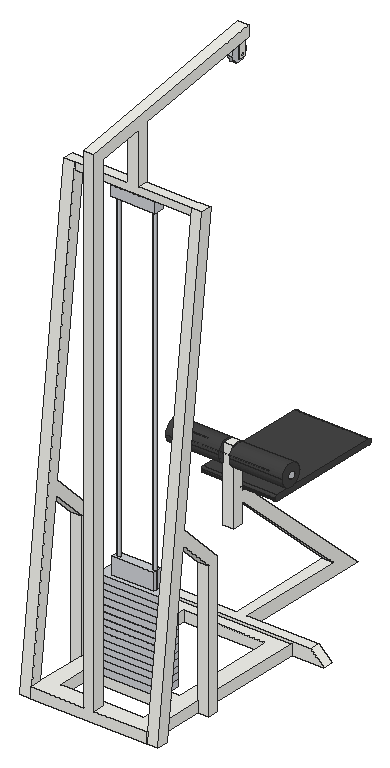
Revit family "Gym_Machine_Pull", category Specialty Equipment, Revit 2021
Family settings
  Round Connector Dimension = Use Diameter
  Part Type = Normal
  Work Plane-Based = No
  Always vertical = Yes
  Cut with Voids When Loaded = No
  Shared = No
  Room Calculation Point = No
Parameters
  vinyl = Plastic - Black
  Top width = 306.61 mm
  Metal Material = Metal - painted
  Metal - painted = Metal - painted
  Height = 3300 mm
  Frame thickness = 50 mm
  Default Elevation = 0 mm
  Black = none
  Assembly Code = "E1090"
Reference planes
  plane 1: z = 0
  plane 2: x = 619.767
  plane 3: x = 640.082
  plane 4: x = -579.918
Forms (mm)
  Extrusion 1, solid, material "Metal - painted" <- "Metal - painted"
    sketch origin (665.082, 24.398, 0) x (0, -1, 0) y (0, 0, 1)
      loop
        line (-585.377, 50) -> (-585.377, 0) -> (264.623, 0) -> (264.623, 50) -> (-585.377, 50)
    from -15 to 65
  Extrusion 2, solid, material "Metal - painted" <- "Metal - painted"
    sketch origin (680.082, 24.398, 0) x (0, 1, 0) y (0, 0, 1)
      loop
        line (-4.623, 2150) -> (-264.623, 0) -> (-214.258, 0) -> (-118.483, 791.987) -> (35.377, 638.127) -> (35.377, 0) -> (85.377, 0) -> (85.377, 658.837) -> (-110.855, 855.069) -> (45.742, 2150) -> (-4.623, 2150)
    from 0 to 50
  Extrusion 3, solid, material "Metal - painted" <- "Metal - painted"
    sketch origin (680.082, 24.398, 0) x (0, -1, 0) y (0, 0, 1)
      loop
        line (-41.509, 2150) -> (-41.509, 2115) -> (4.623, 2115) -> (4.623, 2150) -> (-41.509, 2150)
    from 0 to 550
  Extrusion 4, solid, material "Metal - painted" <- "Metal - painted"
    sketch origin (680.082, -210.42, -2115) x (0, -1, 0) y (0, 0, 1)
      loop
        line (-50.195, 2165) -> (-50.195, 2115) -> (29.805, 2115) -> (29.805, 2165) -> (-50.195, 2165)
    from 0 to 550
  Extrusion 5, solid, material "Metal - painted" <- "Metal - painted"
    sketch origin (680.082, 9.58, -2115) x (0, -1, 0) y (0, 0, 1)
      loop
        line (-40.195, 2165) -> (-40.195, 2115) -> (9.805, 2115) -> (9.805, 2165) -> (-40.195, 2165)
    from 0 to 550
  Extrusion 6, solid, material "Metal - painted" <- "Metal - painted"
    sketch origin (680.082, 569.58, -2115) x (0, -1, 0) y (0, 0, 1)
      loop
        line (-40.195, 2165) -> (-40.195, 2115) -> (9.805, 2115) -> (9.805, 2165) -> (-40.195, 2165)
    from 0 to 550
  Extrusion 7, solid, material "Metal - painted" <- "Metal - painted"
    sketch origin (145.082, 24.398, 0) x (0, -1, 0) y (0, 0, -1)
      loop
        line (-585.377, -50) -> (264.623, -50) -> (264.623, 0) -> (-585.377, 0) -> (-585.377, -50)
    from -15 to 65
  Extrusion 8, solid, material "Metal - painted" <- "Metal - painted"
    sketch origin (130.082, 24.398, 0) x (0, 1, 0) y (0, 0, -1)
      loop
        line (-4.623, -2150) -> (45.742, -2150) -> (-110.855, -855.069) -> (85.377, -658.837) -> (85.377, 0) -> (35.377, 0) -> (35.377, -638.127) -> (-118.483, -791.987) -> (-214.258, 0) -> (-264.623, 0) -> (-4.623, -2150)
    from 0 to 50
  Extrusion 9, solid, material "Metal - painted" <- "Metal - painted"
    sketch origin (680.082, 24.398, 0) x (0, -1, 0) y (0, 0, 1)
      loop
        line (264.623, 0) -> (264.623, 2400) -> (-643.597, 2551.37) -> (-643.597, 2500.68) -> (-45.742, 2401.038) -> (-45.742, 2150) -> (4.623, 2150) -> (4.623, 2392.644) -> (214.623, 2357.644) -> (214.623, 0) -> (264.623, 0)
    from 250 to 300
  Extrusion 10, solid, material "Metal - painted" <- "Metal - painted"
    sketch origin (680.082, 609.775, 0) x (0, 0, 1) y (1, 0, 0)
      loop
        line (0, 150) -> (0, -600) -> (0, -700) -> (60, -640) -> (60, 90) -> (0, 150)
    from 0 to 50
  Extrusion 11, solid, material "Metal - painted" <- "Metal - painted"
    sketch origin (130.082, 24.398, 0) x (0, -1, 0) y (0, 0, -1)
      loop
        line (-635.377, 0) -> (-1285.377, 0) -> (-689.544, -550) -> (-1085.377, -550) -> (-1135.377, -600) -> (-561.662, -600) -> (-1146.662, -60) -> (-635.377, -60) -> (-635.377, 0)
    from 250 to 300
  Extrusion 12, solid, material "Plastic - Black" <- "vinyl"
    sketch origin (430.082, -17.787, -136.776) x (0, -1, 0) y (0, 0, -1)
      loop
        line (-668.847, -736.776) -> (-1208.847, -736.776)
        arc (-1208.847, -736.776) -> (-1215.918, -739.705) -> (-1218.847, -746.776) r 10
        line (-1218.847, -746.776) -> (-1218.847, -752.314)
        arc (-1218.847, -752.314) -> (-1216.107, -759.19) -> (-1209.39, -762.299) r 10
        arc (-1209.39, -762.299) -> (-938.847, -769.647) -> (-668.304, -762.299) r 4984.492
        arc (-668.304, -762.299) -> (-661.587, -759.19) -> (-658.847, -752.314) r 10
        line (-658.847, -752.314) -> (-658.847, -746.776)
        arc (-658.847, -746.776) -> (-661.776, -739.705) -> (-668.847, -736.776) r 10
    from -200 to 150
  Extrusion 13, solid, material "Metal - painted" <- "Metal - painted"
    sketch origin (380.082, 24.398, 0) x (0, 1, 0) y (0, 0, -1)
      loop
        line (606.662, -810) -> (606.662, -460) -> (556.662, -460) -> (556.662, -810) -> (606.662, -810)
    from -50 to 0
  Extrusion 14, solid, material "Plastic - Black" <- "vinyl"
    sketch origin (380.082, 24.398, -45) x (0, 1, 0) y (0, 0, -1)
      loop
        circle (581.662, -810) r 50
      loop
        circle (581.662, -810) r 15
    from 0 to 250
  Extrusion 15, solid, material "Plastic - Black" <- "vinyl"
    sketch origin (430.082, 24.398, -45) x (0, 1, 0) y (0, 0, 1)
      loop
        circle (581.662, 810) r 50
      loop
        circle (581.662, 810) r 15
    from 0 to 250
  Extrusion 16, solid
    sketch origin (130.082, 24.398, -45) x (0, 1, 0) y (0, 0, -1)
      loop
        circle (581.662, -810) r 15
    from 4 to -554
  Extrusion 17, solid, material "Metal - painted" <- "Metal - painted"
    sketch origin (380.082, 24.398, 0) x (0, 1, 0) y (0, 0, -1)
      loop
        line (622.403, -2497.148) -> (622.403, -2427.148) -> (592.403, -2427.148) -> (592.403, -2492.148) -> (622.403, -2497.148)
    from -5 to 0
  Extrusion 18, solid, material <- "Black"
    sketch origin (385.082, 24.398, 0) x (0, -1, 0) y (0, 0, -1)
      loop
        circle (-607.403, -2444.648) r 40
      loop
        circle (-607.403, -2444.648) r 5
    from 10 to 30
  Extrusion 19, solid
    sketch origin (415.082, 24.398, 0) x (0, -1, 0) y (0, 0, -1)
      loop
        circle (-607.403, -2444.648) r 5
    from -36 to 16
  Extrusion 20, solid, material "Metal - painted" <- "Metal - painted"
    sketch origin (430.082, 24.398, 0) x (0, 1, 0) y (0, 0, 1)
      loop
        line (622.403, 2497.148) -> (592.403, 2492.148) -> (592.403, 2427.148) -> (622.403, 2427.148) -> (622.403, 2497.148)
    from -5 to 0
  Extrusion 21, solid
    sketch origin (680.082, 19.775, 2115) x (1, 0, 0) y (0, -1, 0)
      loop
        circle (-190, -23.066) r 8
      loop
        circle (-360, -23.066) r 8
    from 0 to 2065
  Extrusion 22, solid, material <- "Black"
    sketch origin (680.082, 19.775, 2115) x (1, 0, 0) y (0, -1, 0)
      loop
        line (-380, 0) -> (-380, -46.132) -> (-170, -46.132) -> (-170, 0) -> (-380, 0)
    from 0 to 50
  Extrusion 23, solid, material <- "Black"
    sketch origin (385.082, -496.496, -382.148) x (0, -1, 0) y (0, 0, -1)
      loop
        circle (-607.403, -2444.648) r 40
      loop
        circle (-607.403, -2444.648) r 5
    from 10 to 30
  Extrusion 24, solid
    sketch origin (415.082, -496.496, -382.148) x (0, -1, 0) y (0, 0, -1)
      loop
        circle (-607.403, -2444.648) r 5
    from -21 to 1
  Extrusion 25, solid, material <- "Black"
    sketch origin (680.082, 644.008, 50) x (0, -1, 0) y (1, 0, 0)
      loop
        line (548.101, -125) -> (548.101, -425) -> (648.101, -425) -> (648.101, -125) -> (548.101, -125)
    from 0 to 30
  Extrusion 26, solid, material <- "Black"
    sketch origin (980.082, 644.008, 80) x (0, -1, 0) y (1, 0, 0)
      loop
        line (548.101, -425) -> (548.101, -725) -> (648.101, -725) -> (648.101, -425) -> (548.101, -425)
    from 0 to 30
  Extrusion 27, solid, material <- "Black"
    sketch origin (1474.939, 1354.903, 110) x (0, -1, 0) y (1, 0, 0)
      loop
        line (1258.996, -1219.857) -> (1358.996, -1219.857) -> (1358.996, -919.857) -> (1258.996, -919.857) -> (1258.996, -1219.857)
    from 0 to 30
  Extrusion 28, solid, material <- "Black"
    sketch origin (1699.939, 1364.903, 140) x (0, -1, 0) y (1, 0, 0)
      loop
        line (1268.996, -1444.857) -> (1368.996, -1444.857) -> (1368.996, -1144.857) -> (1268.996, -1144.857) -> (1268.996, -1444.857)
    from 0 to 30
  Extrusion 29, solid, material <- "Black"
    sketch origin (1799.939, 1364.903, 170) x (0, -1, 0) y (1, 0, 0)
      loop
        line (1268.996, -1544.857) -> (1368.996, -1544.857) -> (1368.996, -1244.857) -> (1268.996, -1244.857) -> (1268.996, -1544.857)
    from 0 to 30
  Extrusion 30, solid, material <- "Black"
    sketch origin (2699.939, 1364.903, 440) x (0, -1, 0) y (1, 0, 0)
      loop
        line (1268.996, -2444.857) -> (1368.996, -2444.857) -> (1368.996, -2144.857) -> (1268.996, -2144.857) -> (1268.996, -2444.857)
    from 0 to 30
  Extrusion 31, solid, material <- "Black"
    sketch origin (1899.939, 1364.903, 200) x (0, -1, 0) y (1, 0, 0)
      loop
        line (1268.996, -1644.857) -> (1368.996, -1644.857) -> (1368.996, -1344.857) -> (1268.996, -1344.857) -> (1268.996, -1644.857)
    from 0 to 30
  Extrusion 32, solid, material <- "Black"
    sketch origin (1999.939, 1364.903, 230) x (0, -1, 0) y (1, 0, 0)
      loop
        line (1268.996, -1744.857) -> (1368.996, -1744.857) -> (1368.996, -1444.857) -> (1268.996, -1444.857) -> (1268.996, -1744.857)
    from 0 to 30
  Extrusion 33, solid, material <- "Black"
    sketch origin (2099.939, 1364.903, 260) x (0, -1, 0) y (1, 0, 0)
      loop
        line (1268.996, -1844.857) -> (1368.996, -1844.857) -> (1368.996, -1544.857) -> (1268.996, -1544.857) -> (1268.996, -1844.857)
    from 0 to 30
  Extrusion 34, solid, material <- "Black"
    sketch origin (2199.939, 1364.903, 290) x (0, -1, 0) y (1, 0, 0)
      loop
        line (1268.996, -1944.857) -> (1368.996, -1944.857) -> (1368.996, -1644.857) -> (1268.996, -1644.857) -> (1268.996, -1944.857)
    from 0 to 30
  Extrusion 35, solid, material <- "Black"
    sketch origin (2299.939, 1364.903, 320) x (0, -1, 0) y (1, 0, 0)
      loop
        line (1268.996, -2044.857) -> (1368.996, -2044.857) -> (1368.996, -1744.857) -> (1268.996, -1744.857) -> (1268.996, -2044.857)
    from 0 to 30
  Extrusion 36, solid, material <- "Black"
    sketch origin (2399.939, 1364.903, 350) x (0, -1, 0) y (1, 0, 0)
      loop
        line (1268.996, -2144.857) -> (1368.996, -2144.857) -> (1368.996, -1844.857) -> (1268.996, -1844.857) -> (1268.996, -2144.857)
    from 0 to 30
  Extrusion 37, solid, material <- "Black"
    sketch origin (2499.939, 1364.903, 380) x (0, -1, 0) y (1, 0, 0)
      loop
        line (1268.996, -2244.857) -> (1368.996, -2244.857) -> (1368.996, -1944.857) -> (1268.996, -1944.857) -> (1268.996, -2244.857)
    from 0 to 30
  Extrusion 38, solid, material <- "Black"
    sketch origin (2599.939, 1364.903, 410) x (0, -1, 0) y (1, 0, 0)
      loop
        line (1268.996, -2344.857) -> (1368.996, -2344.857) -> (1368.996, -2044.857) -> (1268.996, -2044.857) -> (1268.996, -2344.857)
    from 0 to 30
  Extrusion 39, solid, material <- "Black"
    sketch origin (2699.939, 1364.903, 470) x (0, -1, 0) y (1, 0, 0)
      loop
        line (1305.128, -2394.857) -> (1346.953, -2394.857) -> (1346.953, -2196.11) -> (1305.128, -2196.11) -> (1305.128, -2394.857)
    from 0 to 80
Cuts and joins
  joined: Extrusion 1, Extrusion 2, Extrusion 3, Extrusion 4, Extrusion 5, Extrusion 6, Extrusion 7, Extrusion 8, Extrusion 9
  joined: Extrusion 10, Extrusion 11, Extrusion 13
Dimensions and locks
  Extrusion 9 to Extrusion 9 to Extrusion 8 = 50 mm, 250 mm
